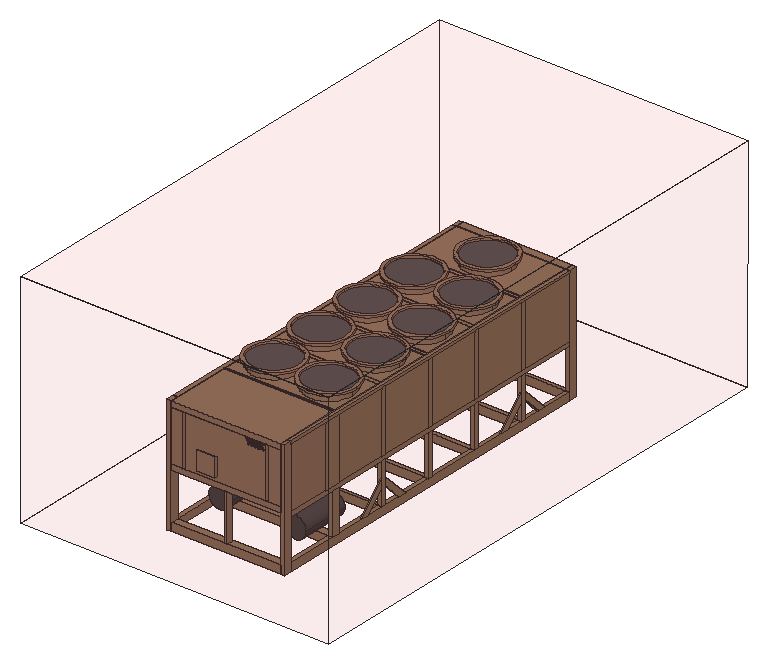
Revit family (continued)
Definition of nested family "Box_Frame-York-YCIV-5_Row"
  Dimensions and locks (in)
    aligned and locked: curve 184 to plane 14 "Middle Bar Bottom"
    aligned and locked: plane 16 "Box Bottom Inset" to curve 186
    aligned and locked: curve 187 to plane 10 "Box Inset Right"
    aligned and locked: plane 7 "Box Right" to curve 185
    aligned and locked: curve 188 to plane 14 "Middle Bar Bottom"
    aligned and locked: plane 16 "Box Bottom Inset" to curve 190
    aligned and locked: curve 191 to plane 6 "Box Left"
    aligned and locked: plane 9 "Box Inset Left" to curve 189
    aligned and locked: curve 200 to plane 14 "Middle Bar Bottom"
    aligned and locked: plane 16 "Box Bottom Inset" to curve 202
    aligned and locked: curve 203 to plane 10 "Box Inset Right"
    aligned and locked: plane 7 "Box Right" to curve 201
    aligned and locked: curve 204 to plane 14 "Middle Bar Bottom"
    aligned and locked: plane 16 "Box Bottom Inset" to curve 206
    aligned and locked: plane 9 "Box Inset Left" to curve 205
    aligned and locked: curve 207 to plane 6 "Box Left"
    aligned and locked: curve 208 to plane 14 "Middle Bar Bottom"
    aligned and locked: plane 16 "Box Bottom Inset" to curve 210
    aligned and locked: curve 211 to plane 10 "Box Inset Right"
    aligned and locked: plane 7 "Box Right" to curve 209
    aligned and locked: curve 212 to plane 14 "Middle Bar Bottom"
    aligned and locked: plane 16 "Box Bottom Inset" to curve 214
    aligned and locked: curve 215 to plane 6 "Box Left"
    aligned and locked: plane 9 "Box Inset Left" to curve 213
    aligned and locked: curve 220 to plane 14 "Middle Bar Bottom"
    aligned and locked: plane 16 "Box Bottom Inset" to curve 222
    aligned and locked: curve 223 to plane 6 "Box Left"
    aligned and locked: plane 9 "Box Inset Left" to curve 221
    aligned and locked: plane 16 "Box Bottom Inset" to curve 218
    aligned and locked: curve 216 to plane 14 "Middle Bar Bottom"
    aligned and locked: curve 219 to plane 10 "Box Inset Right"
    aligned and locked: plane 7 "Box Right" to curve 217
    aligned and locked: curve 224 to plane 14 "Middle Bar Bottom"
    aligned and locked: plane 16 "Box Bottom Inset" to curve 226
    aligned and locked: curve 227 to plane 10 "Box Inset Right"
    aligned and locked: plane 7 "Box Right" to curve 225
    aligned and locked: curve 228 to plane 14 "Middle Bar Bottom"
    aligned and locked: plane 16 "Box Bottom Inset" to curve 230
    aligned and locked: plane 9 "Box Inset Left" to curve 229
    aligned and locked: curve 231 to plane 6 "Box Left"
    aligned and locked: Masking region 13 sketch curve to plane 14 "Middle Bar Bottom"  (x4)
    aligned and locked: plane 16 "Box Bottom Inset" to Masking region 13 sketch curve  (x4)
    aligned and locked: plane 22 "Column Four Back" to Masking region 13 sketch curve
    aligned and locked: Masking region 13 sketch curve to plane 21 "Column Four Front"
    aligned and locked: plane 24 "Column Three Back" to Masking region 13 sketch curve
    aligned and locked: Masking region 13 sketch curve to plane 23 "Column Three Front"
    aligned and locked: plane 26 "Column Two Back" to Masking region 13 sketch curve
    aligned and locked: Masking region 13 sketch curve to plane 25 "Column Two Front"
    aligned and locked: plane 13 "Middle Bar Top" to Extrusion 11 sketch curve  (x2)
    aligned and locked: plane 9 "Box Inset Left" to Extrusion 11 sketch curve
    aligned and locked: Extrusion 11 sketch curve to plane 6 "Box Left"
    aligned and locked: Extrusion 11 sketch curve to plane 15 "Top Inset"  (x2)
    aligned and locked: plane 7 "Box Right" to Extrusion 11 sketch curve
    aligned and locked: Extrusion 11 sketch curve to plane 10 "Box Inset Right"
    aligned and locked: plane 12 "Box Front Inset" to Extrusion 11
    aligned and locked: Masking region 14 sketch curve to plane 12 "Box Front Inset"
    aligned and locked: Masking region 14 sketch curve to plane 15 "Top Inset"
    aligned and locked: plane 13 "Middle Bar Top" to Masking region 14 sketch curve
    aligned and locked: plane 15 "Top Inset" to curve 234
    aligned and locked: plane 13 "Middle Bar Top" to curve 232
    aligned and locked: plane 13 "Middle Bar Top" to curve 234
    aligned and locked: plane 10 "Box Inset Right" to curve 232
    aligned and locked: plane 9 "Box Inset Left" to curve 234
    aligned and locked: Extrusion 12 sketch curve to plane 9 "Box Inset Left"
    aligned and locked: plane 10 "Box Inset Right" to Extrusion 12 sketch curve
    aligned and locked: Extrusion 12 to plane 17 "Column One Middle"
    aligned and locked: plane 9 "Box Inset Left" to curve 236
    aligned and locked: plane 10 "Box Inset Right" to curve 236
    aligned and locked: Extrusion 12 sketch curve to plane 8 "Box Top"
    aligned and locked: plane 17 "Column One Middle" to Masking region 15 sketch curve
    aligned and locked: Masking region 15 sketch curve to plane 9 "Box Inset Left"
    aligned and locked: plane 10 "Box Inset Right" to Masking region 15 sketch curve
    aligned and locked: Masking region 15 sketch curve to plane 36 "Panel Front"
    aligned and locked: Extrusion 13 sketch curve to plane 27 "Column One Back"  (x2)
    aligned and locked: plane 25 "Column Two Front" to Extrusion 13 sketch curve  (x2)
    aligned and locked: Extrusion 13 sketch curve to plane 26 "Column Two Back"  (x2)
    aligned and locked: plane 23 "Column Three Front" to Extrusion 13 sketch curve  (x2)
    aligned and locked: Extrusion 13 sketch curve to plane 24 "Column Three Back"  (x2)
    aligned and locked: plane 21 "Column Four Front" to Extrusion 13 sketch curve  (x2)
    aligned and locked: Extrusion 13 sketch curve to plane 22 "Column Four Back"  (x2)
    aligned and locked: Extrusion 13 sketch curve to plane 6 "Box Left"  (x5)
    aligned and locked: plane 9 "Box Inset Left" to Extrusion 13 sketch curve  (x5)
    aligned and locked: Extrusion 13 sketch curve to plane 10 "Box Inset Right"  (x5)
    aligned and locked: plane 7 "Box Right" to Extrusion 13 sketch curve  (x5)
    aligned and locked: plane 15 "Top Inset" to Extrusion 13
    aligned and locked: Extrusion 13 to plane 13 "Middle Bar Top"
    aligned and locked: Masking region 16 sketch curve to plane 15 "Top Inset"
    aligned and locked: plane 13 "Middle Bar Top" to Masking region 16 sketch curve
    aligned and locked: Extrusion 14 sketch curve to plane 6 "Box Left"  (x5)
    aligned and locked: plane 9 "Box Inset Left" to Extrusion 14 sketch curve  (x5)
    aligned and locked: plane 27 "Column One Back" to Extrusion 14 sketch curve  (x2)
    aligned and locked: Extrusion 14 sketch curve to plane 10 "Box Inset Right"  (x5)
    aligned and locked: plane 7 "Box Right" to Extrusion 14 sketch curve  (x5)
    aligned and locked: Extrusion 14 sketch curve to plane 25 "Column Two Front"  (x2)
    aligned and locked: plane 26 "Column Two Back" to Extrusion 14 sketch curve  (x2)
    aligned and locked: plane 24 "Column Three Back" to Extrusion 14 sketch curve  (x2)
    aligned and locked: Extrusion 14 sketch curve to plane 23 "Column Three Front"  (x2)
    aligned and locked: Extrusion 14 sketch curve to plane 21 "Column Four Front"  (x2)
    aligned and locked: plane 22 "Column Four Back" to Extrusion 14 sketch curve  (x2)
    aligned and locked: plane 15 "Top Inset" to Extrusion 14
    aligned and locked: Extrusion 14 to plane 13 "Middle Bar Top"
    aligned and locked: Extrusion 15 sketch curve to plane 8 "Box Top"  (x5)
    aligned and locked: Extrusion 15 sketch curve to plane 22 "Column Four Back"
    aligned and locked: plane 15 "Top Inset" to Extrusion 15 sketch curve  (x5)
    aligned and locked: plane 21 "Column Four Front" to Extrusion 15 sketch curve
    aligned and locked: Extrusion 15 sketch curve to plane 24 "Column Three Back"
    aligned and locked: plane 23 "Column Three Front" to Extrusion 15 sketch curve
    aligned and locked: Extrusion 15 sketch curve to plane 26 "Column Two Back"
    aligned and locked: plane 25 "Column Two Front" to Extrusion 15 sketch curve
    aligned and locked: Extrusion 15 sketch curve to plane 27 "Column One Back"
    aligned and locked: plane 9 "Box Inset Left" to Extrusion 15
    aligned and locked: Extrusion 15 to plane 10 "Box Inset Right"
    aligned and locked: Extrusion 16 sketch curve to plane 8 "Box Top"  (x5)
    aligned and locked: plane 15 "Top Inset" to Extrusion 16 sketch curve  (x5)
    aligned and locked: plane 27 "Column One Back" to Extrusion 16 sketch curve
    aligned and locked: Extrusion 16 sketch curve to plane 25 "Column Two Front"
    aligned and locked: plane 26 "Column Two Back" to Extrusion 16 sketch curve
    aligned and locked: Extrusion 16 sketch curve to plane 23 "Column Three Front"
    aligned and locked: plane 24 "Column Three Back" to Extrusion 16 sketch curve
    aligned and locked: plane 22 "Column Four Back" to Extrusion 16 sketch curve
    aligned and locked: Extrusion 16 sketch curve to plane 21 "Column Four Front"
    aligned and locked: Extrusion 16 to plane 10 "Box Inset Right"
    aligned and locked: plane 9 "Box Inset Left" to Extrusion 16
    aligned and locked: Extrusion 9 sketch curve to plane 11 "Box Back Inset"  (x2)
    aligned and locked: curve 161 to plane 11 "Box Back Inset"
    aligned and locked: curve 163 to plane 11 "Box Back Inset"
    aligned and locked: curve 165 to plane 11 "Box Back Inset"
    aligned and locked: curve 167 to plane 11 "Box Back Inset"
    aligned and locked: Extrusion 16 sketch curve to plane 17 "Column One Middle"
    aligned and locked: Masking region 17 sketch curve to plane 17 "Column One Middle"
    aligned and locked: Masking region 17 sketch curve to plane 11 "Box Back Inset"
    aligned and locked: plane 10 "Box Inset Right" to Masking region 17 sketch curve
    aligned and locked: Masking region 17 sketch curve to plane 9 "Box Inset Left"
    aligned and locked: Masking region 12 to plane 11 "Box Back Inset"
    aligned and locked: plane 9 "Box Inset Left" to curve 238
    aligned and locked: plane 10 "Box Inset Right" to curve 239
    aligned and locked: plane 10 "Box Inset Right" to curve 238
    aligned and locked: plane 22 "Column Four Back" to curve 238
    aligned and locked: plane 21 "Column Four Front" to curve 239
    aligned and locked: plane 24 "Column Three Back" to curve 240
    aligned and locked: plane 23 "Column Three Front" to curve 241
    aligned and locked: plane 26 "Column Two Back" to curve 242
    aligned and locked: plane 25 "Column Two Front" to curve 243
    aligned and locked: plane 27 "Column One Back" to curve 244
    aligned and locked: Masking region 10 sketch curve to plane 16 "Box Bottom Inset"
    aligned and locked: plane 2 "Box Bottom" to Masking region 10 sketch curve
    aligned and locked: plane 12 "Box Front Inset" to curve 246
    aligned and locked: plane 12 "Box Front Inset" to curve 245
    aligned and locked: plane 11 "Box Back Inset" to curve 246
    aligned and locked: plane 11 "Box Back Inset" to curve 245
    aligned and locked: curve 246 to plane 2 "Box Bottom"
    aligned and locked: curve 245 to plane 16 "Box Bottom Inset"
    aligned and locked: plane 12 "Box Front Inset" to curve 247
    aligned and locked: plane 12 "Box Front Inset" to curve 248
    aligned and locked: plane 11 "Box Back Inset" to curve 248
    aligned and locked: plane 11 "Box Back Inset" to curve 247
    aligned and locked: curve 247 to plane 16 "Box Bottom Inset"
    aligned and locked: curve 248 to plane 2 "Box Bottom"
    aligned and locked: plane 12 "Box Front Inset" to curve 249
    aligned and locked: plane 12 "Box Front Inset" to curve 250
    aligned and locked: plane 11 "Box Back Inset" to curve 250
    aligned and locked: plane 11 "Box Back Inset" to curve 249
    aligned and locked: curve 249 to plane 16 "Box Bottom Inset"
    aligned and locked: curve 250 to plane 2 "Box Bottom"
    aligned and locked: plane 12 "Box Front Inset" to curve 251
    aligned and locked: plane 12 "Box Front Inset" to curve 252
    aligned and locked: plane 11 "Box Back Inset" to curve 252
    aligned and locked: plane 11 "Box Back Inset" to curve 251
    aligned and locked: curve 252 to plane 2 "Box Bottom"
    aligned and locked: curve 251 to plane 16 "Box Bottom Inset"
    aligned and locked: plane 9 "Box Inset Left" to curve 254
    aligned and locked: Masking region 16 sketch curve to plane 11 "Box Back Inset"
    aligned and locked: plane 15 "Top Inset" to curve 261
    aligned and locked: plane 15 "Top Inset" to curve 260
    aligned and locked: plane 15 "Top Inset" to curve 259
    aligned and locked: plane 15 "Top Inset" to curve 258
    aligned and locked: plane 15 "Top Inset" to curve 257
    aligned and locked: plane 15 "Top Inset" to curve 255
    aligned and locked: plane 15 "Top Inset" to curve 256
    aligned and locked: plane 13 "Middle Bar Top" to curve 261
    aligned and locked: plane 13 "Middle Bar Top" to curve 260
    aligned and locked: plane 13 "Middle Bar Top" to curve 259
    aligned and locked: plane 13 "Middle Bar Top" to curve 258
    aligned and locked: plane 13 "Middle Bar Top" to curve 257
    aligned and locked: plane 13 "Middle Bar Top" to curve 255
    aligned and locked: plane 13 "Middle Bar Top" to curve 256
    aligned and locked: plane 25 "Column Two Front" to curve 255
    aligned and locked: plane 26 "Column Two Back" to curve 257
    aligned and locked: plane 23 "Column Three Front" to curve 258
    aligned and locked: plane 24 "Column Three Back" to curve 259
    aligned and locked: plane 21 "Column Four Front" to curve 260
    aligned and locked: plane 22 "Column Four Back" to curve 261
    aligned and locked: Extrusion 17 sketch curve to plane 15 "Top Inset"
    aligned and locked: plane 13 "Middle Bar Top" to Extrusion 17 sketch curve
    aligned and locked: plane 11 "Box Back Inset" to Extrusion 17 sketch curve
    aligned and locked: Extrusion 17 sketch curve to plane 40 "Back Frame Inset"
    aligned and locked: plane 9 "Box Inset Left" to Extrusion 17
    aligned and locked: Extrusion 17 to plane 10 "Box Inset Right"
    aligned and locked: plane 6 "Box Left" to curve 52
    aligned and locked: plane 6 "Box Left" to curve 64
    aligned and locked: plane 2 "Box Bottom" to curve 53
    aligned and locked: plane 2 "Box Bottom" to curve 62
    aligned and locked: plane 2 "Box Bottom" to curve 56
    aligned and locked: plane 2 "Box Bottom" to curve 121
    aligned and locked: plane 2 "Box Bottom" to curve 60
    aligned and locked: plane 10 "Box Inset Right" to curve 119
    aligned and locked: plane 10 "Box Inset Right" to curve 117
    aligned and locked: plane 10 "Box Inset Right" to curve 36
    aligned and locked: plane 10 "Box Inset Right" to curve 40
    aligned and locked: plane 8 "Box Top" to curve 87
    aligned and locked: plane 8 "Box Top" to curve 146
    aligned and locked: plane 8 "Box Top" to curve 72
    aligned and locked: plane 8 "Box Top" to curve 147
    aligned and locked: plane 8 "Box Top" to curve 70
    aligned and locked: plane 8 "Box Top" to curve 78
    aligned and locked: plane 8 "Box Top" to curve 88
    aligned and locked: plane 8 "Box Top" to curve 89
    aligned and locked: plane 8 "Box Top" to curve 90
    aligned and locked: plane 2 "Box Bottom" to curve 78
    aligned and locked: plane 2 "Box Bottom" to curve 94  (x2)
    aligned and locked: plane 2 "Box Bottom" to curve 76
    aligned and locked: plane 2 "Box Bottom" to curve 82
    aligned and locked: plane 2 "Box Bottom" to curve 91
    aligned and locked: plane 2 "Box Bottom" to curve 80
    aligned and locked: plane 2 "Box Bottom" to curve 246
    aligned and locked: plane 2 "Box Bottom" to curve 74
    aligned and locked: plane 2 "Box Bottom" to curve 248
    aligned and locked: plane 2 "Box Bottom" to curve 72
    aligned and locked: plane 2 "Box Bottom" to curve 252
    aligned and locked: plane 11 "Box Back Inset" to curve 124
    aligned and locked: plane 16 "Box Bottom Inset" to curve 247
    aligned and locked: plane 16 "Box Bottom Inset" to curve 245
    aligned and locked: plane 11 "Box Back Inset" to curve 102
    aligned and locked: plane 2 "Box Bottom" to curve 95
    aligned and locked: plane 29 "Front Bar Top" to curve 17
    aligned and locked: plane 29 "Front Bar Top" to curve 21
    aligned and locked: plane 38 "Control Panel Right" to curve 29
    aligned and locked: plane 39 "Control Panel Left" to curve 15
    aligned and locked: plane 38 "Control Panel Right" to curve 15
    aligned and locked: plane 29 "Front Bar Top" to curve 262
    aligned and locked: curve 262 to plane 39 "Control Panel Left"
    aligned and locked: plane 34 "Access Panel Left" to curve 3
    aligned and locked: plane 34 "Access Panel Left" to curve 2
    aligned and locked: plane 35 "Access Panel Right" to curve 2
    aligned and locked: plane 35 "Access Panel Right" to curve 263
    aligned and locked: plane 34 "Access Panel Left" to curve 263
    aligned and locked: plane 33 "Access Panel Top" to curve 263
    aligned and locked: plane 33 "Access Panel Top" to curve 1
    aligned and locked: plane 32 "Access Panel Bottom" to curve 1
    aligned and locked: curve 264 to Extrusion 1
    aligned and locked: plane 33 "Access Panel Top" to curve 264
    aligned and locked: plane 32 "Access Panel Bottom" to curve 264
    aligned and locked: plane 32 "Access Panel Bottom" to curve 6
    aligned and locked: plane 33 "Access Panel Top" to curve 6
    aligned and locked: curve 9 to plane 34 "Access Panel Left"
    aligned and locked: plane 35 "Access Panel Right" to curve 3
    aligned and locked: plane 32 "Access Panel Bottom" to curve 4
    aligned and locked: plane 33 "Access Panel Top" to curve 4
    aligned and locked: plane 2 "Box Bottom" to curve 54
    aligned and locked: plane 9 "Box Inset Left" to curve 34
    aligned and locked: plane 8 "Box Top" to curve 66
    aligned and locked: plane 2 "Box Bottom" to curve 66
    aligned and locked: curve 52 to plane 2 "Box Bottom"
    aligned and locked: curve 52 to plane 8 "Box Top"
    aligned and locked: plane 6 "Box Left" to curve 53
    aligned and locked: plane 9 "Box Inset Left" to curve 53
    aligned and locked: plane 9 "Box Inset Left" to curve 36
    aligned and locked: plane 9 "Box Inset Left" to curve 38
    aligned and locked: plane 10 "Box Inset Right" to curve 34
    aligned and locked: plane 10 "Box Inset Right" to curve 38
    aligned and locked: plane 12 "Box Front Inset" to curve 97
    aligned and locked: plane 9 "Box Inset Left" to curve 65
    aligned and locked: plane 6 "Box Left" to curve 63
    aligned and locked: plane 9 "Box Inset Left" to curve 63
    aligned and locked: plane 2 "Box Bottom" to curve 64
    aligned and locked: curve 64 to plane 8 "Box Top"
    aligned and locked: plane 8 "Box Top" to curve 58
    aligned and locked: plane 8 "Box Top" to curve 56
    aligned and locked: plane 8 "Box Top" to curve 60
    aligned and locked: plane 8 "Box Top" to curve 62
    aligned and locked: plane 7 "Box Right" to curve 55
    aligned and locked: plane 7 "Box Right" to curve 59
    aligned and locked: plane 10 "Box Inset Right" to curve 55
    aligned and locked: plane 10 "Box Inset Right" to curve 59
    aligned and locked: plane 2 "Box Bottom" to curve 57
    aligned and locked: plane 7 "Box Right" to curve 57
    aligned and locked: plane 10 "Box Inset Right" to curve 57
    aligned and locked: plane 7 "Box Right" to curve 61
    aligned and locked: plane 10 "Box Inset Right" to curve 61
    aligned and locked: plane 9 "Box Inset Left" to curve 143
    aligned and locked: plane 10 "Box Inset Right" to curve 143
    aligned and locked: plane 9 "Box Inset Left" to curve 121
    aligned and locked: plane 10 "Box Inset Right" to curve 121
    aligned and locked: plane 9 "Box Inset Left" to curve 119
    aligned and locked: curve 58 to plane 2 "Box Bottom"
    aligned and locked: plane 29 "Front Bar Top" to curve 46
    aligned and locked: plane 11 "Box Back Inset" to curve 146
    aligned and locked: plane 10 "Box Inset Right" to curve 141
    aligned and locked: plane 10 "Box Inset Right" to curve 139
    aligned and locked: plane 10 "Box Inset Right" to curve 133
    aligned and locked: plane 10 "Box Inset Right" to curve 131
    aligned and locked: plane 10 "Box Inset Right" to curve 129
    aligned and locked: plane 10 "Box Inset Right" to curve 137
    aligned and locked: plane 10 "Box Inset Right" to curve 125
    aligned and locked: plane 10 "Box Inset Right" to curve 127
    aligned and locked: plane 10 "Box Inset Right" to curve 135
    aligned and locked: plane 10 "Box Inset Right" to curve 123
    aligned and locked: plane 10 "Box Inset Right" to curve 111
    aligned and locked: plane 10 "Box Inset Right" to curve 115
    aligned and locked: plane 10 "Box Inset Right" to curve 109
    aligned and locked: plane 10 "Box Inset Right" to curve 103
    aligned and locked: plane 10 "Box Inset Right" to curve 101
    aligned and locked: plane 10 "Box Inset Right" to curve 105
    aligned and locked: plane 10 "Box Inset Right" to curve 113
    aligned and locked: plane 10 "Box Inset Right" to curve 107
    aligned and locked: plane 9 "Box Inset Left" to curve 141
    aligned and locked: plane 9 "Box Inset Left" to curve 139
    aligned and locked: plane 9 "Box Inset Left" to curve 129
    aligned and locked: plane 9 "Box Inset Left" to curve 131
    aligned and locked: plane 9 "Box Inset Left" to curve 127
    aligned and locked: plane 9 "Box Inset Left" to curve 133
    aligned and locked: plane 9 "Box Inset Left" to curve 125
    aligned and locked: plane 9 "Box Inset Left" to curve 135
    aligned and locked: plane 9 "Box Inset Left" to curve 123
    aligned and locked: plane 9 "Box Inset Left" to curve 137
    aligned and locked: plane 9 "Box Inset Left" to curve 115
    aligned and locked: plane 9 "Box Inset Left" to curve 107
    aligned and locked: plane 9 "Box Inset Left" to curve 113
    aligned and locked: plane 9 "Box Inset Left" to curve 109
    aligned and locked: plane 9 "Box Inset Left" to curve 103
    aligned and locked: plane 9 "Box Inset Left" to curve 101
    aligned and locked: plane 9 "Box Inset Left" to curve 117
    aligned and locked: plane 9 "Box Inset Left" to curve 111
    aligned and locked: plane 9 "Box Inset Left" to curve 105
    aligned and locked: plane 9 "Box Inset Left" to curve 99
    aligned and locked: plane 8 "Box Top" to curve 74
    aligned and locked: plane 8 "Box Top" to curve 68
    aligned and locked: plane 8 "Box Top" to curve 80
    aligned and locked: plane 8 "Box Top" to curve 82
    aligned and locked: plane 2 "Box Bottom" to curve 68
    aligned and locked: plane 2 "Box Bottom" to curve 70
    aligned and locked: plane 14 "Middle Bar Bottom" to curve 173
    aligned and locked: plane 14 "Middle Bar Bottom" to curve 175
    aligned and locked: plane 14 "Middle Bar Bottom" to curve 169
    aligned and locked: plane 14 "Middle Bar Bottom" to curve 177
    aligned and locked: plane 14 "Middle Bar Bottom" to curve 171
    aligned and locked: plane 14 "Middle Bar Bottom" to curve 179
    aligned and locked: plane 14 "Middle Bar Bottom" to curve 181
    aligned and locked: plane 14 "Middle Bar Bottom" to curve 183
    aligned and locked: plane 14 "Middle Bar Bottom" to curve 201
    aligned and locked: plane 14 "Middle Bar Bottom" to curve 203
    aligned and locked: plane 14 "Middle Bar Bottom" to curve 205
    aligned and locked: plane 14 "Middle Bar Bottom" to curve 207
    aligned and locked: plane 14 "Middle Bar Bottom" to curve 213
    aligned and locked: plane 14 "Middle Bar Bottom" to curve 209
    aligned and locked: plane 14 "Middle Bar Bottom" to curve 215
    aligned and locked: plane 14 "Middle Bar Bottom" to curve 211
    aligned and locked: plane 14 "Middle Bar Bottom" to curve 217
    aligned and locked: plane 14 "Middle Bar Bottom" to curve 219
    aligned and locked: plane 14 "Middle Bar Bottom" to curve 221
    aligned and locked: plane 14 "Middle Bar Bottom" to curve 223
    aligned and locked: plane 14 "Middle Bar Bottom" to curve 227
    aligned and locked: plane 14 "Middle Bar Bottom" to curve 225
    aligned and locked: plane 14 "Middle Bar Bottom" to curve 231
    aligned and locked: plane 14 "Middle Bar Bottom" to curve 229
    aligned and locked: plane 14 "Middle Bar Bottom" to curve 191
    aligned and locked: plane 14 "Middle Bar Bottom" to curve 189
    aligned and locked: plane 14 "Middle Bar Bottom" to curve 185
    aligned and locked: plane 14 "Middle Bar Bottom" to curve 187
    aligned and locked: plane 14 "Middle Bar Bottom" to curve 193
    aligned and locked: plane 14 "Middle Bar Bottom" to curve 195
    aligned and locked: plane 14 "Middle Bar Bottom" to curve 197
    aligned and locked: plane 14 "Middle Bar Bottom" to curve 199
    aligned and locked: plane 16 "Box Bottom Inset" to curve 195
    aligned and locked: plane 16 "Box Bottom Inset" to curve 197
    aligned and locked: plane 16 "Box Bottom Inset" to curve 193
    aligned and locked: plane 16 "Box Bottom Inset" to curve 199
    aligned and locked: plane 16 "Box Bottom Inset" to curve 187
    aligned and locked: plane 16 "Box Bottom Inset" to curve 189
    aligned and locked: plane 16 "Box Bottom Inset" to curve 185
    aligned and locked: plane 16 "Box Bottom Inset" to curve 191
    aligned and locked: plane 16 "Box Bottom Inset" to curve 225
    aligned and locked: plane 16 "Box Bottom Inset" to curve 229
    aligned and locked: plane 16 "Box Bottom Inset" to curve 227
    aligned and locked: plane 16 "Box Bottom Inset" to curve 231
    aligned and locked: plane 16 "Box Bottom Inset" to curve 219
    aligned and locked: plane 16 "Box Bottom Inset" to curve 221
    aligned and locked: plane 16 "Box Bottom Inset" to curve 217
    aligned and locked: plane 16 "Box Bottom Inset" to curve 223
    aligned and locked: plane 16 "Box Bottom Inset" to curve 209
    aligned and locked: plane 16 "Box Bottom Inset" to curve 213
    aligned and locked: plane 16 "Box Bottom Inset" to curve 211
    aligned and locked: plane 16 "Box Bottom Inset" to curve 215
    aligned and locked: plane 16 "Box Bottom Inset" to curve 203
    aligned and locked: plane 16 "Box Bottom Inset" to curve 201
    aligned and locked: plane 16 "Box Bottom Inset" to curve 205
    aligned and locked: plane 16 "Box Bottom Inset" to curve 207
    aligned and locked: plane 16 "Box Bottom Inset" to curve 175
    aligned and locked: plane 16 "Box Bottom Inset" to curve 177
    aligned and locked: plane 16 "Box Bottom Inset" to curve 171
    aligned and locked: plane 16 "Box Bottom Inset" to curve 181
    aligned and locked: plane 16 "Box Bottom Inset" to curve 179
    aligned and locked: plane 16 "Box Bottom Inset" to curve 169
    aligned and locked: plane 16 "Box Bottom Inset" to curve 173
    aligned and locked: plane 16 "Box Bottom Inset" to curve 183
    aligned and locked: plane 5 "Box Front" to Extrusion 12
    aligned and locked: plane 41 "Bar Left of Control Panel" to Extrusion 18 sketch curve
    aligned and locked: Extrusion 18 sketch curve to plane 42 "Bar Right of Control Panel"
    aligned and locked: plane 29 "Front Bar Top" to Extrusion 18 sketch curve  (x2)
    aligned and locked: Extrusion 18 sketch curve to plane 9 "Box Inset Left"
    aligned and locked: plane 10 "Box Inset Right" to Extrusion 18 sketch curve
    aligned and locked: Extrusion 18 to plane 36 "Panel Front"
    aligned and locked: plane 5 "Box Front" to Extrusion 18
    aligned and locked: plane 36 "Panel Front" to Extrusion 19 sketch curve
    aligned and locked: Extrusion 19 sketch curve to plane 5 "Box Front"
    aligned and locked: Extrusion 19 sketch curve to plane 43 "Front Bar Left"
    aligned and locked: plane 44 "Front Bar Right" to Extrusion 19 sketch curve
    aligned and locked: plane 30 "Front Bar Bottom" to Extrusion 19
    aligned and locked: Extrusion 19 to plane 16 "Box Bottom Inset"
    aligned and locked: Extrusion 6 sketch curve to plane 5 "Box Front"
    aligned and locked: plane 9 "Box Inset Left" to curve 266
    aligned and locked: plane 10 "Box Inset Right" to curve 266
    aligned and locked: plane 5 "Box Front" to curve 266
    aligned and locked: plane 48 "Angle Support Two Front" to Extrusion 20 sketch curve
    aligned and locked: plane 46 "Angle Support Top" to Extrusion 20 sketch curve  (x4)
    aligned and locked: plane 26 "Column Two Back" to Extrusion 20 sketch curve  (x2)
    aligned and locked: Extrusion 20 sketch curve to plane 16 "Box Bottom Inset"  (x4)
    aligned and locked: plane 49 "Angle Support Two Back" to Extrusion 20 sketch curve
    aligned and locked: plane 47 "Angle Support Inside Bottom" to Extrusion 20 sketch curve  (x4)
    aligned and locked: plane 16 "Box Bottom Inset" to Extrusion 20 sketch curve  (x4)
    aligned and locked: plane 50 "Angle Support One Back" to Extrusion 20 sketch curve
    aligned and locked: plane 25 "Column Two Front" to Extrusion 20 sketch curve  (x2)
    aligned and locked: plane 51 "Angle Support One Front" to Extrusion 20 sketch curve
    aligned and locked: Extrusion 20 to plane 7 "Box Right"
    aligned and locked: plane 52 "Angle Support Right" to Extrusion 20
    aligned and locked: plane 47 "Angle Support Inside Bottom" to Extrusion 21 sketch curve  (x4)
    aligned and locked: plane 46 "Angle Support Top" to Extrusion 21 sketch curve  (x4)
    aligned and locked: plane 48 "Angle Support Two Front" to Extrusion 21 sketch curve
    aligned and locked: Extrusion 21 sketch curve to plane 26 "Column Two Back"
    aligned and locked: Extrusion 21 sketch curve to plane 16 "Box Bottom Inset"  (x4)
    aligned and locked: plane 25 "Column Two Front" to Extrusion 21 sketch curve  (x2)
    aligned and locked: plane 50 "Angle Support One Back" to Extrusion 21 sketch curve
    aligned and locked: plane 51 "Angle Support One Front" to Extrusion 21 sketch curve
    aligned and locked: plane 16 "Box Bottom Inset" to Extrusion 21 sketch curve  (x4)
    aligned and locked: plane 26 "Column Two Back" to Extrusion 21 sketch curve
    aligned and locked: plane 49 "Angle Support Two Back" to Extrusion 21 sketch curve
    aligned and locked: plane 6 "Box Left" to Extrusion 21
    aligned and locked: Extrusion 21 to plane 53 "Angle Support Left"
    aligned and locked: plane 33 "Access Panel Top" to Extrusion 1
    aligned and locked: Extrusion 1 to plane 32 "Access Panel Bottom"
    aligned and locked: Extrusion 10 sketch curve to plane 54 "Column One Front"  (x2)
    aligned and locked: Extrusion 11 to plane 28 "Top Column Front"
    aligned and locked: Extrusion 14 sketch curve to plane 28 "Top Column Front"  (x2)
    aligned and locked: Extrusion 2 sketch curve to plane 55 "Top Front Inset"
    aligned and locked: Extrusion 18 sketch curve to plane 55 "Top Front Inset"  (x2)
    aligned and locked: plane 55 "Top Front Inset" to Extrusion 12 sketch curve
    aligned and locked: curve 253 to plane 55 "Top Front Inset"
    aligned and locked: curve 26 to plane 55 "Top Front Inset"
    aligned and locked: curve 121 to plane 5 "Box Front"
    aligned and locked: Masking region 5 sketch curve to plane 8 "Box Top"
    aligned and locked: plane 55 "Top Front Inset" to Extrusion 4
    aligned and locked: plane 10 "Box Inset Right" to curve 267
    aligned and locked: curve 267 to plane 55 "Top Front Inset"
    aligned and locked: plane 42 "Bar Right of Control Panel" to curve 269
    aligned and locked: plane 41 "Bar Left of Control Panel" to curve 268
    aligned and locked: plane 28 "Top Column Front" to curve 256
    aligned and locked: Masking region 16 sketch curve to plane 27 "Column One Back"
    aligned and locked: plane 27 "Column One Back" to Masking region 14 sketch curve
    aligned and locked: plane 16 "Box Bottom Inset" to Masking region 18 sketch curve
    aligned and locked: Masking region 18 sketch curve to plane 14 "Middle Bar Bottom"
    aligned and locked: Masking region 18 sketch curve to plane 12 "Box Front Inset"
    aligned and locked: plane 45 "Side Framing Extra" to Masking region 18 sketch curve
    aligned and locked: plane 47 "Angle Support Inside Bottom" to Masking region 19 sketch curve  (x4)
    aligned and locked: plane 46 "Angle Support Top" to Masking region 19 sketch curve  (x4)
    aligned and locked: plane 26 "Column Two Back" to Masking region 19 sketch curve  (x2)
    aligned and locked: plane 25 "Column Two Front" to Masking region 19 sketch curve  (x2)
    aligned and locked: plane 50 "Angle Support One Back" to Masking region 19 sketch curve
    aligned and locked: plane 51 "Angle Support One Front" to Masking region 19 sketch curve
    aligned and locked: Masking region 19 sketch curve to plane 16 "Box Bottom Inset"  (x3)
    aligned and locked: plane 16 "Box Bottom Inset" to Masking region 19 sketch curve  (x5)
    aligned and locked: plane 49 "Angle Support Two Back" to Masking region 19 sketch curve
    aligned and locked: plane 48 "Angle Support Two Front" to Masking region 19 sketch curve
    aligned and locked: Extrusion 6 sketch curve to plane 54 "Column One Front"
    aligned and locked: curve 141 to plane 54 "Column One Front"
    aligned and locked: curve 117 to plane 54 "Column One Front"
    aligned and locked: curve 18 to plane 55 "Top Front Inset"
    aligned and locked: plane 30 "Front Bar Bottom" to curve 270
    aligned and locked: plane 16 "Box Bottom Inset" to curve 271
    aligned and locked: plane 16 "Box Bottom Inset" to curve 270
    aligned and locked: plane 44 "Front Bar Right" to curve 271
    aligned and locked: plane 43 "Front Bar Left" to curve 270
    aligned and locked: plane 5 "Box Front" to curve 273
    aligned and locked: plane 5 "Box Front" to curve 272
    aligned and locked: plane 12 "Box Front Inset" to curve 273
    aligned and locked: plane 12 "Box Front Inset" to curve 272
    aligned and locked: curve 272 to plane 30 "Front Bar Bottom"
    aligned and locked: curve 273 to plane 30 "Front Bar Bottom"
    aligned and locked: plane 15 "Top Inset" to curve 237
    aligned and locked: plane 55 "Top Front Inset" to curve 274
    aligned and locked: plane 29 "Front Bar Top" to curve 274
    aligned and locked: plane 42 "Bar Right of Control Panel" to curve 275
    aligned and locked: plane 41 "Bar Left of Control Panel" to curve 274
    aligned and locked: plane 5 "Box Front" to curve 278
    aligned and locked: plane 5 "Box Front" to curve 280
    aligned and locked: plane 36 "Panel Front" to curve 278
    aligned and locked: plane 36 "Panel Front" to curve 280
    aligned and locked: curve 278 to plane 55 "Top Front Inset"
    aligned and locked: curve 280 to plane 55 "Top Front Inset"
    aligned and locked: plane 5 "Box Front" to curve 281
    aligned and locked: plane 5 "Box Front" to curve 279
    aligned and locked: plane 36 "Panel Front" to curve 281
    aligned and locked: plane 36 "Panel Front" to curve 279
    aligned and locked: curve 281 to plane 29 "Front Bar Top"
    aligned and locked: curve 279 to plane 29 "Front Bar Top"
    aligned and locked: plane 61 "Angle Support Four Front" to Masking region 19 sketch curve
    aligned and locked: plane 62 "Angle Support Four Back" to Masking region 19 sketch curve
    aligned and locked: plane 58 "Column Five Back" to Masking region 19 sketch curve  (x2)
    aligned and locked: plane 57 "Column Five Front" to Masking region 19 sketch curve  (x2)
    aligned and locked: plane 59 "Angle Support Three Back" to Masking region 19 sketch curve
    aligned and locked: plane 60 "Angle Support Three Front" to Masking region 19 sketch curve
    aligned and locked: plane 60 "Angle Support Three Front" to Extrusion 20 sketch curve
    aligned and locked: plane 61 "Angle Support Four Front" to Extrusion 20 sketch curve
    aligned and locked: plane 62 "Angle Support Four Back" to Extrusion 20 sketch curve
    aligned and locked: Extrusion 20 sketch curve to plane 58 "Column Five Back"
    aligned and locked: plane 57 "Column Five Front" to Extrusion 20 sketch curve  (x2)
    aligned and locked: plane 59 "Angle Support Three Back" to Extrusion 20 sketch curve
    aligned and locked: plane 58 "Column Five Back" to Extrusion 20 sketch curve
    aligned and locked: Extrusion 21 sketch curve to plane 58 "Column Five Back"
    aligned and locked: Extrusion 21 sketch curve to plane 57 "Column Five Front"
    aligned and locked: plane 61 "Angle Support Four Front" to Extrusion 21 sketch curve
    aligned and locked: plane 62 "Angle Support Four Back" to Extrusion 21 sketch curve
    aligned and locked: plane 57 "Column Five Front" to Extrusion 21 sketch curve
    aligned and locked: plane 58 "Column Five Back" to Extrusion 21 sketch curve
    aligned and locked: plane 59 "Angle Support Three Back" to Extrusion 21 sketch curve
    aligned and locked: plane 60 "Angle Support Three Front" to Extrusion 21 sketch curve
    aligned and locked: Extrusion 6 sketch curve to plane 57 "Column Five Front"
    aligned and locked: plane 58 "Column Five Back" to Extrusion 6 sketch curve
    aligned and locked: plane 58 "Column Five Back" to Extrusion 10 sketch curve  (x2)
    aligned and locked: Extrusion 10 sketch curve to plane 57 "Column Five Front"  (x2)
    aligned and locked: plane 57 "Column Five Front" to Extrusion 13 sketch curve  (x2)
    aligned and locked: Extrusion 13 sketch curve to plane 11 "Box Back Inset"  (x2)
    aligned and locked: Extrusion 13 sketch curve to plane 58 "Column Five Back"  (x2)
    aligned and locked: plane 57 "Column Five Front" to Extrusion 15 sketch curve
    aligned and locked: Extrusion 15 sketch curve to plane 58 "Column Five Back"
    aligned and locked: Extrusion 15 sketch curve to plane 11 "Box Back Inset"
    aligned and locked: Extrusion 16 sketch curve to plane 57 "Column Five Front"
    aligned and locked: plane 58 "Column Five Back" to Extrusion 16 sketch curve
    aligned and locked: Extrusion 14 sketch curve to plane 57 "Column Five Front"  (x2)
    aligned and locked: plane 58 "Column Five Back" to Extrusion 14 sketch curve  (x2)
    aligned and locked: plane 9 "Box Inset Left" to curve 283
    aligned and locked: curve 283 to plane 57 "Column Five Front"
    aligned and locked: Extrusion 16 to plane 58 "Column Five Back"
    aligned and locked: plane 15 "Top Inset" to curve 284
    aligned and locked: plane 15 "Top Inset" to curve 285
    aligned and locked: plane 13 "Middle Bar Top" to curve 284
    aligned and locked: plane 13 "Middle Bar Top" to curve 285
    aligned and locked: plane 58 "Column Five Back" to curve 284
    aligned and locked: plane 57 "Column Five Front" to curve 285
    aligned and locked: plane 58 "Column Five Back" to Masking region 13 sketch curve
    aligned and locked: Masking region 13 sketch curve to plane 57 "Column Five Front"
    aligned and locked: plane 10 "Box Inset Right" to curve 301
    aligned and locked: plane 10 "Box Inset Right" to curve 293
    aligned and locked: plane 9 "Box Inset Left" to curve 301
    aligned and locked: plane 9 "Box Inset Left" to curve 293
    aligned and locked: curve 293 to plane 2 "Box Bottom"
    aligned and locked: curve 301 to plane 2 "Box Bottom"
    aligned and locked: plane 7 "Box Right" to curve 289
    aligned and locked: plane 7 "Box Right" to curve 300
    aligned and locked: plane 6 "Box Left" to curve 289
    aligned and locked: plane 6 "Box Left" to curve 300
    aligned and locked: curve 289 to plane 16 "Box Bottom Inset"
    aligned and locked: curve 300 to plane 16 "Box Bottom Inset"
    aligned and locked: plane 7 "Box Right" to curve 294
    aligned and locked: plane 7 "Box Right" to curve 288
    aligned and locked: curve 288 to plane 14 "Middle Bar Bottom"
    aligned and locked: curve 294 to plane 14 "Middle Bar Bottom"
    aligned and locked: plane 9 "Box Inset Left" to curve 295
    aligned and locked: plane 9 "Box Inset Left" to curve 290
    aligned and locked: curve 290 to plane 14 "Middle Bar Bottom"
    aligned and locked: curve 295 to plane 14 "Middle Bar Bottom"
    aligned and locked: plane 14 "Middle Bar Bottom" to curve 296
    aligned and locked: plane 14 "Middle Bar Bottom" to curve 291
    aligned and locked: plane 14 "Middle Bar Bottom" to curve 287
    aligned and locked: plane 14 "Middle Bar Bottom" to curve 298
    aligned and locked: plane 16 "Box Bottom Inset" to curve 298
    aligned and locked: curve 287 to plane 10 "Box Inset Right"
    aligned and locked: curve 298 to plane 10 "Box Inset Right"
    aligned and locked: curve 291 to plane 6 "Box Left"
    aligned and locked: curve 296 to plane 6 "Box Left"
    aligned and locked: plane 16 "Box Bottom Inset" to curve 291
    aligned and locked: Masking region 20 sketch curve to plane 4 "Box Back"
    aligned and locked: Masking region 20 sketch curve to plane 6 "Box Left"
    aligned and locked: plane 7 "Box Right" to Masking region 20 sketch curve
    aligned and locked: Masking region 20 sketch curve to plane 5 "Box Front"
    aligned and locked: Masking region 21 sketch curve to plane 30 "Front Bar Bottom"
    aligned and locked: plane 16 "Box Bottom Inset" to Masking region 21 sketch curve
    aligned and locked: plane 44 "Front Bar Right" to Masking region 21 sketch curve
    aligned and locked: Masking region 21 sketch curve to plane 43 "Front Bar Left"
    aligned and locked: Masking region 22 sketch curve to plane 14 "Middle Bar Bottom"
    aligned and locked: plane 16 "Box Bottom Inset" to Masking region 22 sketch curve
    aligned and locked: Masking region 22 sketch curve to plane 54 "Column One Front"
    aligned and locked: plane 27 "Column One Back" to Masking region 22 sketch curve
    aligned and locked: Masking region 23 sketch curve to plane 30 "Front Bar Bottom"  (x2)
    aligned and locked: plane 43 "Front Bar Left" to Masking region 23 sketch curve
    aligned and locked: Masking region 23 sketch curve to plane 9 "Box Inset Left"
    aligned and locked: plane 16 "Box Bottom Inset" to Masking region 23 sketch curve  (x2)
    aligned and locked: Masking region 23 sketch curve to plane 44 "Front Bar Right"
    aligned and locked: plane 10 "Box Inset Right" to Masking region 23 sketch curve
    aligned and locked: Extrusion 22 sketch curve to plane 30 "Front Bar Bottom"  (x2)
    aligned and locked: plane 16 "Box Bottom Inset" to Extrusion 22 sketch curve  (x2)
    aligned and locked: plane 43 "Front Bar Left" to Extrusion 22 sketch curve
    aligned and locked: Extrusion 22 sketch curve to plane 9 "Box Inset Left"
    aligned and locked: Extrusion 22 sketch curve to plane 44 "Front Bar Right"
    aligned and locked: plane 10 "Box Inset Right" to Extrusion 22 sketch curve
    aligned and locked: Extrusion 22 to plane 12 "Box Front Inset"
    aligned and locked: plane 5 "Box Front" to Extrusion 22
    aligned and locked: Extrusion 23 sketch curve to plane 14 "Middle Bar Bottom"  (x2)
    aligned and locked: plane 16 "Box Bottom Inset" to Extrusion 23 sketch curve  (x2)
    aligned and locked: Extrusion 23 sketch curve to plane 12 "Box Front Inset"
    aligned and locked: plane 54 "Column One Front" to Extrusion 23 sketch curve
    aligned and locked: Extrusion 23 sketch curve to plane 27 "Column One Back"
    aligned and locked: plane 45 "Side Framing Extra" to Extrusion 23 sketch curve
    aligned and locked: plane 10 "Box Inset Right" to Extrusion 23
    aligned and locked: Extrusion 23 to plane 7 "Box Right"
    aligned and locked: Extrusion 24 sketch curve to plane 14 "Middle Bar Bottom"  (x2)
    aligned and locked: plane 16 "Box Bottom Inset" to Extrusion 24 sketch curve  (x2)
    aligned and locked: plane 54 "Column One Front" to Extrusion 24 sketch curve
    aligned and locked: Extrusion 24 sketch curve to plane 12 "Box Front Inset"
    aligned and locked: Extrusion 24 sketch curve to plane 27 "Column One Back"
    aligned and locked: plane 45 "Side Framing Extra" to Extrusion 24 sketch curve
    aligned and locked: Extrusion 24 to plane 9 "Box Inset Left"
    aligned and locked: plane 6 "Box Left" to Extrusion 24
  Automatic sketch dimensions
    curve 60 to plane 10 "Box Inset Right" = 0"
    curve 62 to plane 8 "Box Top" = 0"
    curve 254 to plane 15 "Top Inset" = 0"
    curve 91 to plane 6 "Box Left" = 0"
    curve 98 to plane 6 "Box Left" = 0"
    curve 92 to plane 9 "Box Inset Left" = 0"
    curve 95 to plane 7 "Box Right" = 0"
    curve 94 to plane 7 "Box Right" = 0"
    curve 102 to plane 11 "Box Back Inset" = 0"
    Extrusion 1 sketch curve to plane 33 "Access Panel Top" = 0"
    Extrusion 1 sketch curve to plane 32 "Access Panel Bottom" = 0"
    curve 7 to plane 5 "Box Front" = 0"
    curve 8 to plane 5 "Box Front" = 0"
    curve 8 to plane 37 "Access Panel Front" = 0"
    curve 7 to plane 37 "Access Panel Front" = 0"
    curve 10 to plane 35 "Access Panel Right" = 0"
    curve 9 to plane 5 "Box Front" = 0"
    curve 10 to plane 5 "Box Front" = 0"
    curve 10 to plane 37 "Access Panel Front" = 0"
    curve 9 to plane 37 "Access Panel Front" = 0"
    curve 277 to plane 42 "Bar Right of Control Panel" = 0"
    curve 276 to plane 41 "Bar Left of Control Panel" = 0"
    curve 46 to plane 8 "Box Top" = 0"
    curve 276 to plane 55 "Top Front Inset" = 0"
    curve 277 to plane 55 "Top Front Inset" = 0"
    curve 49 to plane 12 "Box Front Inset" = 0"
    curve 50 to plane 12 "Box Front Inset" = 0"
    curve 22 to plane 36 "Panel Front" = 0"
    curve 23 to plane 36 "Panel Front" = 0"
    curve 49 to plane 36 "Panel Front" = 0"
    curve 43 to plane 36 "Panel Front" = 0"
    curve 23 to plane 5 "Box Front" = 0"
    curve 42 to plane 5 "Box Front" = 0"
    curve 43 to plane 5 "Box Front" = 0"
    curve 22 to plane 5 "Box Front" = 0"
    curve 44 to plane 36 "Panel Front" = 0"
    curve 45 to plane 36 "Panel Front" = 0"
    curve 45 to plane 5 "Box Front" = 0"
    curve 44 to plane 5 "Box Front" = 0"
    Extrusion 4 sketch curve to plane 55 "Top Front Inset" = 0"
    Extrusion 5 sketch curve to plane 4 "Box Back" = 0"
    curve 143 to plane 10 "Box Inset Right" = 0"
    curve 125 to plane 11 "Box Back Inset" = 0"
    curve 143 to plane 12 "Box Front Inset" = 0"
    Masking region 12 sketch curve to plane 11 "Box Back Inset" = 0"
    curve 233 to plane 7 "Box Right" = 0"
    curve 235 to plane 6 "Box Left" = 0"
    curve 235 to plane 15 "Top Inset" = 0"
    curve 233 to plane 15 "Top Inset" = 0"
    curve 235 to plane 13 "Middle Bar Top" = 0"
    curve 233 to plane 13 "Middle Bar Top" = 0"
    curve 236 to plane 8 "Box Top" = 0"
    curve 194 to plane 7 "Box Right" = 0"
    curve 194 to plane 10 "Box Inset Right" = 0"
    curve 196 to plane 9 "Box Inset Left" = 0"
    curve 196 to plane 6 "Box Left" = 0"
    curve 192 to plane 14 "Middle Bar Bottom" = 0"
    curve 199 to plane 14 "Middle Bar Bottom" = 0"
    curve 194 to plane 16 "Box Bottom Inset" = 0"
    curve 197 to plane 16 "Box Bottom Inset" = 0"
    curve 25 to plane 5 "Box Front" = 0"
    curve 25 to plane 38 "Control Panel Right" = 0"
    curve 24 to plane 36 "Panel Front" = 0"
    curve 24 to plane 39 "Control Panel Left" = 0"
    curve 25 to plane 36 "Panel Front" = 0"
    curve 24 to plane 5 "Box Front" = 0"
    Extrusion 16 sketch curve to plane 15 "Top Inset" = 0"
    curve 87 to plane 4 "Box Back" = 0"
    curve 90 to plane 4 "Box Back" = 0"
    curve 86 to plane 5 "Box Front" = 0"
    curve 83 to plane 5 "Box Front" = 0"
    curve 84 to plane 5 "Box Front" = 0"
    curve 85 to plane 5 "Box Front" = 0"
    curve 282 to plane 58 "Column Five Back" = 0"
Definition of nested family "Include Clearance"
  Parameters (values of type "Include Clearance")
    Width = 36"
    Height = 36"
    Depth = 36"
    Clearance Top = 6"
    Clearance Right = 6"
    Clearance Material = Clearance
    Clearance Left = 6"
    Clearance Front = 6"
    Clearance Bottom = 6"
    Clearance Back = 6"
    Assembly Code = ""
  Reference planes (in)
    plane 1 "Center (Front/Back)": y = 0
    plane 2 "Bottom": z = 0
    plane 3 "Center (Left/Right)": x = 0
    plane 4 "Clearance Front": y = -24
    plane 5 "Top": z = 36
    plane 6 "Back": y = 18
    plane 7 "Left": x = -18
    plane 8 "Front": y = -18
    plane 9 "Right": x = 18
    plane 10 "Clearance Back": y = 24
    plane 11 "Clearance Left": x = -24
    plane 12 "Clearance Right": x = 24
    plane 13 "Clearance Top": z = 42
    plane 14 "Clearance Bottom": z = -6
    plane 15 "Center (Elevation)": z = 18
  Forms (in)
    Extrusion 1, solid, material "Clearance" <- "Clearance Material"
      sketch origin (0, 0, 36) x (-1, 0, 0) y (0, -1, 0)
        loop
          line (24, -24) -> (24, 24) -> (-24, 24) -> (-24, -24) -> (24, -24)
      from -42 to 6
  Lines and regions (in)
    symbolic lines, style "Clearance"
      curve 1: line (-24, 24, 36) -> (24, 24, 36)
      curve 2: line (-24, -24, 36) -> (-24, 24, 36)
      curve 3: line (24, -24, 36) -> (-24, -24, 36)
      curve 4: line (24, 24, 36) -> (24, -24, 36)
      curve 5: line (-24, 0, 42) -> (24, 0, 42)
      curve 6: line (-24, 0, -6) -> (-24, 0, 42)
      curve 7: line (24, 0, -6) -> (-24, 0, -6)
      curve 8: line (24, 0, 42) -> (24, 0, -6)
      curve 9: line (0, -24, 42) -> (0, 24, 42)
      curve 10: line (0, -24, -6) -> (0, -24, 42)
      curve 11: line (0, 24, -6) -> (0, -24, -6)
      curve 12: line (0, 24, 42) -> (0, 24, -6)
  Dimensions and locks (in)
    "Height": plane 5 "Top" to plane 2 "Bottom"
    "Depth": plane 6 "Back" to plane 8 "Front"
    "Width": plane 7 "Left" to plane 9 "Right"
    equal spacing: plane 7 "Left", plane 3 "Center (Left/Right)", plane 9 "Right"
    equal spacing: plane 6 "Back", plane 1 "Center (Front/Back)", plane 8 "Front"
    "Clearance Bottom": plane 2 "Bottom" to plane 14 "Clearance Bottom"
    "Clearance Top": plane 13 "Clearance Top" to plane 5 "Top"
    "Clearance Left": plane 11 "Clearance Left" to plane 7 "Left"
    "Clearance Right": plane 9 "Right" to plane 12 "Clearance Right"
    "Clearance Back": plane 10 "Clearance Back" to plane 6 "Back"
    "Clearance Front": plane 4 "Clearance Front" to plane 8 "Front"
    equal spacing: plane 5 "Top", plane 15 "Center (Elevation)", plane 2 "Bottom"
    aligned and locked: level to plane 2 "Bottom"
    aligned and locked: Extrusion 1 sketch curve to plane 10 "Clearance Back"
    aligned and locked: Extrusion 1 sketch curve to plane 11 "Clearance Left"
    aligned and locked: Extrusion 1 sketch curve to plane 12 "Clearance Right"
    aligned and locked: Extrusion 1 sketch curve to plane 4 "Clearance Front"
    aligned and locked: plane 14 "Clearance Bottom" to Extrusion 1
    aligned and locked: plane 13 "Clearance Top" to Extrusion 1
    aligned and locked: curve 1 to plane 10 "Clearance Back"
    aligned and locked: curve 2 to plane 11 "Clearance Left"
    aligned and locked: curve 4 to plane 12 "Clearance Right"
    aligned and locked: curve 3 to plane 4 "Clearance Front"
    aligned and locked: curve 5 to plane 13 "Clearance Top"
    aligned and locked: curve 6 to plane 11 "Clearance Left"
    aligned and locked: curve 7 to plane 14 "Clearance Bottom"
    aligned and locked: curve 8 to plane 12 "Clearance Right"
    aligned and locked: curve 9 to plane 13 "Clearance Top"
    aligned and locked: curve 11 to plane 14 "Clearance Bottom"
    aligned and locked: curve 12 to plane 10 "Clearance Back"
    aligned and locked: curve 10 to plane 4 "Clearance Front"
Definition of nested family "Liquid Chiller, Direct Expansion Right View"
  Parameters (values of type "Liquid Chiller, Direct Expansion Right View")
    Pipe Height = 24"
    Pipe Depth = 84"
    Height = 72"
    Depth = 120"
    Assembly Code = ""
    Arrow Width = Arrow Length / 4  # 4.8"
    Arrow Length = (Height + Depth) / 10  # 19.2"
    Arrow Height = Arrow Width / 4  # 1.2"
    Arrow Depth = Arrow Length / 2  # 9.6"
  Reference planes (in)
    plane 1 "Center (Left/Right)": y = -9.59431
    plane 2: z = 0
    plane 3 "Left": x = -13.92887
    plane 4 "Right": x = 106.07113
    plane 5 "Center (Front/Back)": x = 70.07113
    plane 6 "Top": y = 38.40569
    plane 7 "Bottom": y = -33.59431
    plane 8 "Arrow Tails": x = -33.12887
    plane 9 "Arrows Top": y = -8.99431
    plane 10 "Arrows Bottom": y = -10.19431
    plane 11 "Arrow In Back": x = -25.92887
    plane 12 "Arrow Centers": x = -21.12887
    plane 13 "Arrow In Center": x = -23.52887
    plane 14 "Lettering": x = -39.12887
    plane 15 "Arrow Out Back": x = -16.32887
    plane 16 "Arrow Out Middle": x = -18.72887
  Lines and regions (in)
    Filled region 1, type "Solid Fill - Black", in view "Ref. Level", detail levels coarse
      outline origin (0, 0, 0) x (1, 0, 0) y (0, 1, 0)
        loop
          line (-25.92887, -8.99431) -> (-25.92887, -10.19431) -> (-21.12887, -9.59431) -> (-25.92887, -8.99431)
    Filled region 2, type "Solid Fill - Black", in view "Ref. Level", detail levels coarse
      outline origin (-42.25773, 0, 0) x (0, 1, 0) y (-1, 0, 0)
        loop
          line (-8.99431, -25.92887) -> (-9.59431, -21.12887) -> (-10.19431, -25.92887) -> (-8.99431, -25.92887)
    detail lines, in view "Ref. Level", detail levels coarse
      curve 1: line (-13.92887, 38.40569, 0) -> (106.07113, 38.40569, 0)
      curve 2: line (-13.92887, -33.59431, 0) -> (-13.92887, 38.40569, 0)
      curve 3: line (106.07113, -33.59431, 0) -> (-13.92887, -33.59431, 0)
      curve 4: line (106.07113, 38.40569, 0) -> (106.07113, -33.59431, 0)
    detail lines, style "DetailComponents", in view "Ref. Level", detail levels coarse
      curve 5: line (-33.12887, -9.59431, 0) -> (-13.92887, -9.59431, 0)
    detail lines, style "DetailComponentsHiddenLines", in view "Ref. Level", detail levels coarse
      curve 6: line (-13.92887, -9.59431, 0) -> (70.07113, -9.59431, 0)
  Dimensions and locks (in)
    "Height": plane 6 "Top" to plane 7 "Bottom"
    "Depth": plane 3 "Left" to plane 4 "Right"
    "Pipe Depth": plane 3 "Left" to plane 5 "Center (Front/Back)"
    plane 5 "Center (Front/Back)" to plane 4 "Right" = 36"
    "Pipe Height": plane 1 "Center (Left/Right)" to plane 7 "Bottom"
    "Arrow Length": plane 8 "Arrow Tails" to plane 3 "Left"
    equal spacing: plane 9 "Arrows Top", plane 1 "Center (Left/Right)", plane 10 "Arrows Bottom"
    equal spacing: plane 11 "Arrow In Back", plane 13 "Arrow In Center", plane 12 "Arrow Centers"
    "Arrow Width": plane 11 "Arrow In Back" to plane 12 "Arrow Centers"
    "Arrow Height": plane 9 "Arrows Top" to plane 10 "Arrows Bottom"
    "Arrow Depth": plane 13 "Arrow In Center" to plane 3 "Left"
    plane 14 "Lettering" to plane 8 "Arrow Tails" = 6"
    plane 15 "Arrow Out Back" to plane 16 "Arrow Out Middle" = 2.4"
    aligned and locked: curve 1 to plane 6 "Top"
    aligned and locked: curve 3 to plane 7 "Bottom"
    aligned and locked: curve 4 to plane 4 "Right"
    aligned and locked: plane 1 "Center (Left/Right)" to curve 5
    aligned and locked: plane 1 "Center (Left/Right)" to curve 6
    aligned and locked: plane 1 "Center (Left/Right)" to nested 1
    aligned and locked: plane 8 "Arrow Tails" to curve 5
    aligned and locked: plane 11 "Arrow In Back" to Filled region 1 sketch curve
    aligned and locked: Filled region 1 sketch curve to curve 6
    aligned and locked: plane 12 "Arrow Centers" to Filled region 1 sketch curve
    aligned and locked: plane 9 "Arrows Top" to Filled region 1 sketch curve
    aligned and locked: plane 10 "Arrows Bottom" to Filled region 1 sketch curve
    aligned and locked: nested 1 to plane 14 "Lettering"
    aligned and locked: plane 12 "Arrow Centers" to Filled region 2 sketch curve
    aligned and locked: plane 15 "Arrow Out Back" to Filled region 2 sketch curve
    aligned and locked: plane 10 "Arrows Bottom" to Filled region 2 sketch curve
  Automatic sketch dimensions
    curve 2 to plane 3 "Left" = 0"
    curve 6 to plane 5 "Center (Front/Back)" = 0"
    Filled region 2 sketch curve to plane 1 "Center (Left/Right)" = 0"
    Filled region 2 sketch curve to plane 9 "Arrows Top" = 0"
  Nested families (in)
    nested 1: "LABEL" at (-39.12887, -9.59431, 0) x (12, 0, 0) z (0, 0, 12), type "LABEL", in view "Ref. Level", detail levels coarse
      with Keynote "RL"
  Definition of nested family "LABEL"
    Parameters
      Keynote [instance] = ""
    Reference planes (in)
      plane 1: y = 0
      plane 2: x = 0
    Text (in)
      label "Keynote" at (0.01999, 0.00618, 0), shows "Keynote"
Definition of nested family "Liquid Chiller, Direct Expansion Plan View"
  Parameters (values of type "Liquid Chiller, Direct Expansion")
    Width = 230"
    Water In Pipe Gap = 112 205/256"
    Pipe Radius = if(Width < 13", 2 255/256", 3")  # 3"
    Pipe Gap = 84 131/256"
    Length = 88 1/8"
    Back Pipe Offset = 44 1/16"
    Assembly Code = ""
    Arrow Width = Arrow Length / 3  # 10.60417"
    Arrow Length = (Width + Length) / 10  # 31 13/16"
    Arrow Height = Arrow Width / 4  # 2.65104"
    Arrow Depth = Arrow Length / 2  # 15 29/32"
  Reference planes (in)
    plane 1 "Center (Left/Right)": y = -10.59431
    plane 2: z = 0
    plane 3 "Left": x = -6.53222
    plane 4 "Right": x = 81.59278
    plane 5 "Center (Front/Back)": x = 37.53028
    plane 6 "Return Line": y = 71.71819
    plane 7 "Water In Line": y = -12.79352
    plane 8 "Top": y = 104.40569
    plane 9 "Bottom": y = -125.59431
    plane 10: x = 37.53028
    plane 11 "Top Arrow": y = 146.82236
    plane 12 "Bottom Arrow Bottom": y = -136.19847
    plane 13 "Bottom Arrow": x = -3.53222
    plane 14 "Top Arrow Bottom": y = 136.21819
    plane 15 "Arrow Lines": x = -38.34472
    plane 16 "Arrow Left": x = -27.74056
    plane 17 "Arrow Right": x = -17.13639
    plane 18 "Top Arrow Left": x = 36.20475
    plane 19 "Top Arrow Right": x = 38.8558
    plane 20 "Top Curve": y = 68.71819
    plane 21 "Bottom Curve": y = -9.79352
    plane 22 "Bottom Arrow Line": y = -157.40681
    plane 23 "Water Out Top": y = 73.04372
    plane 24 "Water Out Bottom": y = 70.39267
    plane 25 "Water In Bottom": y = -14.11904
    plane 26 "Water In Top": y = -11.468
    plane 27 "Bottom Arrow Left": x = -4.85775
    plane 28 "Bottom Arrow Right": x = -2.2067
    plane 29 "Arrow Middle": x = -22.43847
    plane 30 "Lettering": x = -44.34472
  Lines and regions (in)
    Filled region 1, type "Solid Fill - Black", in view "Ref. Level", detail levels coarse
      outline origin (0, 0, 0) x (1, 0, 0) y (0, 1, 0)
        loop
          line (36.20475, 136.21819) -> (38.8558, 136.21819) -> (37.53028, 146.82236) -> (36.20475, 136.21819)
    Filled region 2, type "Solid Fill - Black", in view "Ref. Level", detail levels coarse
      outline origin (0, 0, 0) x (1, 0, 0) y (0, 1, 0)
        loop
          line (-27.74056, 71.71819) -> (-17.13639, 70.39267) -> (-17.13639, 73.04372) -> (-27.74056, 71.71819)
    Filled region 3, type "Solid Fill - Black", in view "Ref. Level", detail levels coarse
      outline origin (0, 0, 0) x (1, 0, 0) y (0, 1, 0)
        loop
          line (-27.74056, -11.468) -> (-27.74056, -14.11904) -> (-17.13639, -12.79352) -> (-27.74056, -11.468)
    Filled region 4, type "Solid Fill - Black", in view "Ref. Level", detail levels coarse
      outline origin (0, 0, 0) x (1, 0, 0) y (0, 1, 0)
        loop
          line (-3.53222, -125.59431) -> (-4.85775, -136.19847) -> (-2.2067, -136.19847) -> (-3.53222, -125.59431)
    detail lines, in view "Ref. Level", detail levels coarse
      curve 1: line (-6.53222, 104.40569, 0) -> (81.59278, 104.40569, 0)
      curve 2: line (-6.53222, -125.59431, 0) -> (-6.53222, 104.40569, 0)
      curve 3: line (81.59278, -125.59431, 0) -> (-6.53222, -125.59431, 0)
      curve 4: line (81.59278, 104.40569, 0) -> (81.59278, -125.59431, 0)
      curve 11: line (-3.53222, -125.59431, 0) -> (-3.53222, -157.40681, 0)
      curve 12: line (-38.34472, 71.71819, 0) -> (-6.53222, 71.71819, 0)
      curve 13: line (-38.34472, -12.79352, 0) -> (-6.53222, -12.79352, 0)
    detail lines, style "DetailComponentsHiddenLines", in view "Ref. Level", detail levels coarse
      curve 5: line (33.62967, 71.71819, 0) -> (-6.53222, 71.71819, 0)
      curve 6: line (33.64898, -12.79352, 0) -> (-6.53222, -12.79352, 0)
      curve 8: line (37.53028, -9.79352, 0) -> (37.53028, 68.71819, 0)
      curve 9: arc (37.53028, 68.71819, 0) -> (36.31865, 71.17862, 0) -> (33.62967, 71.71819, 0) r 3.10397
      curve 10: arc (33.64898, -12.79352, 0) -> (36.32607, -12.2463, 0) -> (37.53028, -9.79352, 0) r 3.10005
    detail lines, style "DetailComponents", in view "Ref. Level", detail levels coarse
      curve 7: line (37.53028, 104.40569, 0) -> (37.53028, 146.82236, 0)
  Dimensions and locks (in)
    "Length": plane 3 "Left" to plane 4 "Right"
    "Width": plane 8 "Top" to plane 9 "Bottom"
    "Water In Pipe Gap": plane 7 "Water In Line" to plane 9 "Bottom"
    locked: plane 3 "Left" to plane 13 "Bottom Arrow" at 3
    "Arrow Width": plane 11 "Top Arrow" to plane 14 "Top Arrow Bottom"
    "Arrow Height": plane 18 "Top Arrow Left" to plane 19 "Top Arrow Right"
    equal spacing: plane 18 "Top Arrow Left", plane 10, plane 19 "Top Arrow Right"
    "Arrow Length": plane 14 "Top Arrow Bottom" to plane 8 "Top"
    "Arrow Length": Filled region 1 sketch curve to plane 8 "Top"
    equal spacing: plane 3 "Left", plane 5 "Center (Front/Back)", plane 4 "Right"
    equal spacing: plane 8 "Top", plane 1 "Center (Left/Right)", plane 9 "Bottom"
    "Back Pipe Offset": plane 10 to plane 4 "Right"
    "Pipe Radius": plane 6 "Return Line" to plane 20 "Top Curve"
    "Arrow Length": plane 9 "Bottom" to plane 22 "Bottom Arrow Line"
    "Arrow Width": plane 9 "Bottom" to plane 12 "Bottom Arrow Bottom"
    "Arrow Length": plane 15 "Arrow Lines" to plane 3 "Left"
    equal spacing: plane 23 "Water Out Top", plane 6 "Return Line", plane 24 "Water Out Bottom"
    "Arrow Height": plane 23 "Water Out Top" to plane 24 "Water Out Bottom"
    equal spacing: plane 25 "Water In Bottom", plane 7 "Water In Line", plane 26 "Water In Top"
    "Arrow Height": plane 25 "Water In Bottom" to plane 26 "Water In Top"
    equal spacing: plane 27 "Bottom Arrow Left", plane 13 "Bottom Arrow", plane 28 "Bottom Arrow Right"
    "Arrow Height": plane 27 "Bottom Arrow Left" to plane 28 "Bottom Arrow Right"
    "Arrow Depth": plane 29 "Arrow Middle" to plane 3 "Left"
    equal spacing: plane 16 "Arrow Left", plane 29 "Arrow Middle", plane 17 "Arrow Right"
    "Arrow Width": plane 16 "Arrow Left" to plane 17 "Arrow Right"
    plane 30 "Lettering" to plane 15 "Arrow Lines" = 6"
    "Pipe Radius": plane 21 "Bottom Curve" to plane 7 "Water In Line"
    "Pipe Gap": plane 6 "Return Line" to plane 7 "Water In Line"
    aligned and locked: curve 1 to plane 8 "Top"
    aligned and locked: curve 3 to plane 9 "Bottom"
    aligned and locked: curve 4 to plane 4 "Right"
    aligned and locked: plane 6 "Return Line" to curve 5
    aligned and locked: nested 3 to plane 7 "Water In Line"
    aligned and locked: nested 2 to plane 6 "Return Line"
    aligned and locked: plane 11 "Top Arrow" to curve 7
    aligned and locked: Filled region 1 to plane 19 "Top Arrow Right"  (x2)
    aligned and locked: Filled region 1 sketch curve to plane 19 "Top Arrow Right"
    aligned and locked: Filled region 1 sketch curve to plane 18 "Top Arrow Left"
    aligned and locked: curve 7 to Filled region 1 sketch curve
    aligned and locked: plane 13 "Bottom Arrow" to curve 11
    aligned and locked: plane 22 "Bottom Arrow Line" to curve 11
    aligned and locked: curve 12 to plane 15 "Arrow Lines"
    aligned and locked: plane 15 "Arrow Lines" to curve 13
    aligned and locked: curve 12 to plane 6 "Return Line"
    aligned and locked: curve 13 to plane 7 "Water In Line"
    aligned and locked: plane 23 "Water Out Top" to Filled region 2 sketch curve
    aligned and locked: plane 24 "Water Out Bottom" to Filled region 2 sketch curve
    aligned and locked: Filled region 2 sketch curve to plane 16 "Arrow Left"
